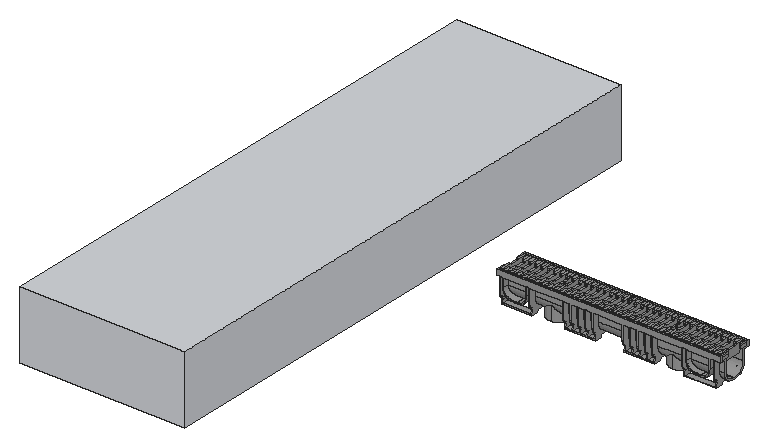
Revit family "Plastic channel Base DN100 with a high board vertical outlet", category Оборудование, Revit 2019 (continued)
Definition of nested family "Plastic grate Base DN100 mesh"
  Automatic sketch dimensions
    plane 1 "По центру (Вперед/Назад)" to Extrusion 21 sketch curve = 7.221 mm  (x2)
    Extrusion 21 sketch curve to Extrusion 21 sketch curve = 11.225 mm  (x2)
    plane 19 to Extrusion 23 sketch curve = 0 mm
    plane 3 "По центру (Влево/Вправо)" to Extrusion 1 sketch curve = 250 mm
    Extrusion 2 sketch curve to plane 3 "По центру (Влево/Вправо)" = 250 mm
    Extrusion 12 sketch curve to level = 0 mm  (x2)
    Extrusion 12 sketch curve to plane 4 = 0 mm
    Extrusion 12 sketch curve to plane 9 = 0 mm
    Extrusion 12 sketch curve to plane 5 = 0 mm
    Extrusion 12 sketch curve to plane 6 = 6.845 mm
    plane 6 to Extrusion 12 sketch curve = 0.367 mm
    Extrusion 12 sketch curve to level = 2.111 mm
    plane 6 to Extrusion 12 sketch curve = 13.155 mm
    Extrusion 12 sketch curve to plane 7 = 13.155 mm
    plane 7 to Extrusion 12 sketch curve = 6.845 mm
    Extrusion 12 sketch curve to plane 8 = 14.5 mm  (x2)
    Extrusion 12 sketch curve to Extrusion 12 sketch curve = 2 mm
    Extrusion 12 sketch curve to plane 7 = 0.367 mm
    Extrusion 11 sketch curve to level = 0 mm  (x2)
    Extrusion 11 sketch curve to plane 4 = 0 mm
    Extrusion 11 sketch curve to plane 9 = 0 mm
    Extrusion 11 sketch curve to plane 5 = 0 mm
    Extrusion 11 sketch curve to plane 6 = 6.845 mm
    plane 6 to Extrusion 11 sketch curve = 0.367 mm
    Extrusion 11 sketch curve to level = 2.111 mm
    plane 6 to Extrusion 11 sketch curve = 13.155 mm
    Extrusion 11 sketch curve to plane 7 = 13.155 mm
    plane 7 to Extrusion 11 sketch curve = 6.845 mm
    Extrusion 11 sketch curve to plane 8 = 14.5 mm  (x2)
    Extrusion 11 sketch curve to Extrusion 11 sketch curve = 2 mm
    Extrusion 11 sketch curve to plane 7 = 0.367 mm
    Extrusion 25 sketch curve to plane 5 = 0 mm
    Extrusion 25 sketch curve to plane 10 = 0 mm  (x2)
    Extrusion 25 sketch curve to plane 4 = 0 mm
    Extrusion 25 sketch curve to plane 6 = 0 mm
    Extrusion 25 sketch curve to plane 11 = 0 mm  (x2)
    Extrusion 25 sketch curve to plane 7 = 0 mm
    radius of Extrusion 21 sketch curve = 7.51 mm
Definition of nested family "Plastic end cap Base DN100"
  Parameters (values of type "630-3")
    Model = "Linear drainage"  # constant formula
    S = 156 mm  # constant formula
    R1 = 49 mm
    Material = none
    L = 5 mm  # constant formula
    Hпос = 5 mm
    H [instance] = 110 mm
    DN = 100 mm  # constant formula
    ADSK_Weight = 0.05  # constant formula
    ADSK_Unit = "pcs"  # constant formula
    ADSK_Product code = "630-3"
    ADSK_Position [instance] = ""
    ADSK_Name = "Plastic end cap for slope 9-14 and standard H200 plastic channel Base DN100"
    ADSK_Material_Name = "Plastic"  # constant formula
    ADSK_Manufacturer = "Vodaland"  # constant formula
    ADSK_Annotation [instance] = ""
  Types (6, lengths in mm): name | R1 | H | ADSK_Product code | ADSK_Name
    630120 | 49 | 110 | "630120" | "Plastic end cap for plastic channel Base DN100 H120"
    630060 | 5 | 100 | "630060" | "Plastic end cap for plastic channel Base DN100 H60"
    630-1 | 25 | 100 | "630-1" | "Plastic end cap for slope 1-3 plastic channel Base DN100"
    630-2 | 49 | 110 | "630-2" | "Plastic end cap for slope 3-9 and standard H100, H150 plastic channel Base DN100"
    630080 | 5 | 100 | "630080" | "Plastic end cap for plastic channel Base DN100 H80"
    630-3 | 49 | 110 | "630-3" | "Plastic end cap for slope 9-14 and standard H200 plastic channel Base DN100"
  Reference planes
    plane 1 "По центру (Вперед/Назад)": y = 0
    plane 2: z = 0
    plane 3 "По центру (Влево/Вправо)": x = 0
    plane 4 "Л": x = 2.5
    plane 5 "П": x = 5
    plane 6: y = -78
    plane 7: y = 78
    plane 8: z = -110
    plane 9: z = -20
    plane 10: z = -85
  Forms (mm)
    Extrusion 1, solid, material <- "Material", detail levels medium+fine
      sketch origin (2.5, 0, 0) x (0, 1, 0) y (0, 0, 1)
        loop
          line (-78, 0) -> (-78, -20) -> (-55, -20) -> (-55, -36)
          arc (-55, -36) -> (-40.648, -70.648) -> (-6, -85) r 49
          line (-6, -85) -> (6, -85)
          arc (6, -85) -> (40.648, -70.648) -> (55, -36) r 49
          line (55, -36) -> (55, -20) -> (78, -20) -> (78, 0) -> (-78, 0)
      from -2.5 to 2.5
  Dimensions and locks
    equal spacing: plane 3 "По центру (Влево/Вправо)", plane 4 "Л", plane 5 "П"
    "S": plane 6 to plane 7
    equal spacing: plane 6, plane 1 "По центру (Вперед/Назад)", plane 7
    locked: Extrusion 1 sketch curve to Extrusion 1 sketch curve at 23
    locked: Extrusion 1 sketch curve to plane 7 at 23
    "L": plane 3 "По центру (Влево/Вправо)" to plane 5 "П"
    "H": plane 2 to plane 8
    locked: plane 2 to plane 9 at 20
    locked: plane 10 to plane 8 at 25
    "R1": radius of Extrusion 1 sketch curve  (x2)
    aligned and locked: level to plane 2
    aligned and locked: Extrusion 1 sketch curve to plane 6
    aligned and locked: Extrusion 1 sketch curve to plane 7
    aligned and locked: Extrusion 1 sketch curve to plane 2
    aligned and locked: Extrusion 1 sketch curve to plane 9
    aligned and locked: plane 9 to Extrusion 1 sketch curve
    aligned and locked: Extrusion 1 to plane 3 "По центру (Влево/Вправо)"
    aligned and locked: plane 5 "П" to Extrusion 1
    aligned and locked: Extrusion 1 sketch curve to plane 10
Definition of nested family "Plastic end cap-adapter Base DN100"
  Parameters (values of type "6307.4")
    Model = "Linear drainage"  # constant formula
    S = 113 mm  # constant formula
    R2 = R1 + 5 mm  # 54 mm
    R1 = 49 mm
    Material = none
    L = 5 mm  # constant formula
    Hпос = 5 mm
    H [instance] = 120 mm
    DN = 100 mm  # constant formula
    ADSK_Weight = 0.015
    ADSK_Unit = "pcs"  # constant formula
    ADSK_Product code = "6307.4"
    ADSK_Position [instance] = ""
    ADSK_Name = "Plastic end cap-adapter for cascade of plastic channel Base DN100 H120-H150"
    ADSK_Material_Name = "Plastic"  # constant formula
    ADSK_Manufacturer = "Vodaland"  # constant formula
    ADSK_Annotation [instance] = ""
  Reference planes
    plane 1 "По центру (Вперед/Назад)": y = 0
    plane 2: z = 0
    plane 3 "По центру (Влево/Вправо)": x = 0
    plane 4 "Л": x = 2.5
    plane 5 "П": x = 5
    plane 6: y = -56.5
    plane 7: y = 56.5
    plane 8: z = -135
    plane 9: z = -45
    plane 10: z = -102
  Forms (mm)
    Extrusion 1, solid, material <- "Material", detail levels medium+fine
      sketch origin (2.5, 0, 0) x (0, 1, 0) y (0, 0, 1)
        loop
          line (-56.5, -45) -> (-56.5, -81)
          arc (-56.5, -81) -> (-40.684, -119.184) -> (-2.5, -135) r 54
          line (-2.5, -135) -> (0, -135) -> (2.5, -135)
          arc (2.5, -135) -> (40.684, -119.184) -> (56.5, -81) r 54
          line (56.5, -81) -> (56.5, -45) -> (52.3, -45) -> (52.3, -53)
          arc (52.3, -53) -> (37.948, -87.648) -> (3.3, -102) r 49
          line (3.3, -102) -> (-3.3, -102)
          arc (-3.3, -102) -> (-37.948, -87.648) -> (-52.3, -53) r 49
          line (-52.3, -53) -> (-52.3, -45) -> (-56.5, -45)
      from -2.5 to 2.5
  Dimensions and locks
    equal spacing: plane 3 "По центру (Влево/Вправо)", plane 4 "Л", plane 5 "П"
    "S": plane 6 to plane 7
    equal spacing: plane 6, plane 1 "По центру (Вперед/Назад)", plane 7
    "L": plane 3 "По центру (Влево/Вправо)" to plane 5 "П"
    locked: plane 10 to plane 8 at 33
    locked: plane 9 to plane 8 at 90
    plane 2 to plane 9 = 45 mm
    "R1": radius of Extrusion 1 sketch curve  (x2)
    "R2": radius of Extrusion 1 sketch curve  (x2)
    aligned and locked: level to plane 2
    aligned and locked: Extrusion 1 sketch curve to plane 9
    aligned and locked: plane 9 to Extrusion 1 sketch curve
    aligned and locked: Extrusion 1 to plane 3 "По центру (Влево/Вправо)"
    aligned and locked: plane 5 "П" to Extrusion 1
    aligned and locked: Extrusion 1 sketch curve to plane 10
    aligned and locked: Extrusion 1 sketch curve to plane 6
    aligned and locked: Extrusion 1 sketch curve to plane 7
  Automatic sketch dimensions
    Extrusion 1 sketch curve to plane 9 = 0 mm
    Extrusion 1 sketch curve to plane 1 "По центру (Вперед/Назад)" = 0 mm
    Extrusion 1 sketch curve to plane 8 = 0 mm
    Extrusion 1 sketch curve to Extrusion 1 sketch curve = 4.2 mm
    plane 1 "По центру (Вперед/Назад)" to Extrusion 1 sketch curve = 3.3 mm
    Extrusion 1 sketch curve to plane 1 "По центру (Вперед/Назад)" = 3.3 mm
Definition of nested family "No"
  Parameters (values of type "ні")
    Видимість решітки праворуч [instance] = yes
    Видимість решітки ліворуч [instance] = yes
    np [instance] = 0 mm
    nm [instance] = 0 mm
    kp [instance] = 0 mm
    km [instance] = 0 mm
    W1 [instance] = 0 mm
    H [instance] = 0 mm
  Reference planes
    plane 1 "По центру (Вперед/Назад)": y = 0
    plane 2: z = 0
    plane 3 "По центру (Влево/Вправо)": x = 0
    plane 4: x = 249
    plane 5: x = -249
  Dimensions and locks
    equal spacing: plane 5, plane 3 "По центру (Влево/Вправо)", plane 4
    plane 5 to plane 4 = 498 mm
    aligned and locked: level to plane 2
Definition of nested family "Sealant"
  Parameters (values of type "Sealant")
    Sealant [instance] = 0
    Model = "Linear drainage"  # constant formula
    ADSK_Weight = 0
    ADSK_Unit = "ml"  # constant formula
    ADSK_Sealant [instance] = 0
    ADSK_Product code = "335145"
    ADSK_Name = "Sealant Vodaland"
    ADSK_Material_Name = ""
    ADSK_Manufacturer = "Vodaland"  # constant formula
    ADSK_Annotation = ""
  Reference planes
    plane 1 "По центру (Вперед/Назад)": y = 0
    plane 2: z = 0
    plane 3 "По центру (Влево/Вправо)": x = 0
    plane 4: y = 68
    plane 5: y = -68
    plane 6: x = 249
    plane 7: x = -249
    plane 8: z = -5
  Dimensions and locks
    equal spacing: plane 7, plane 3 "По центру (Влево/Вправо)", plane 6
    plane 7 to plane 6 = 498 mm
    equal spacing: plane 4, plane 1 "По центру (Вперед/Назад)", plane 5
    plane 4 to plane 5 = 136 mm
    locked: level to plane 8 at 5
    aligned and locked: level to plane 2
Definition of nested family "Fastening"
  Parameters (values of type "6800-35")
    Material = none
    Model = "Linear drainage"  # constant formula
    ADSK_Weight = 0.015  # constant formula
    ADSK_Unit = "pcs"  # constant formula
    ADSK_Product code = "6800-35"
    ADSK_Position = ""
    ADSK_Name = "Plastic fastener for plastic channel DN100 with screw 35mm"
    ADSK_Material_Name = "Plastic"
    ADSK_Manufacturer = "Vodaland"  # constant formula
    ADSK_Annotation = ""
  Types (3, lengths in mm): name | ADSK_Product code | ADSK_Name | ADSK_Material_Name
    6800-35 | "6800-35" | "Plastic fastener for plastic channel DN100 with screw 35mm" | "Plastic"
    6200-35 | "6200-35" | "Stainless steel fastener-staple  for plastic channel Base DN100 with screw 35mm" | "Stainless steel"
    6100-35 | "6100-35" | "Galvanized steel fastener-staple for plastic channel Base DN100 with screw 35mm" | "Galvanized Steel"
  Reference planes
    plane 1 "По центру (Вперед/Назад)": y = 0
    plane 2: z = 0
    plane 3 "По центру (Влево/Вправо)": x = 0
    plane 4: y = 12
    plane 5: y = -12
    plane 6: x = 87
    plane 7: x = -87
    plane 8: z = -50
  Lines and regions (mm)
    model lines, detail levels fine
      curve 1: line (0, -5, 0) -> (0, 5, 0)
      curve 2: line (-5, 0, 0) -> (5, 0, 0)
      curve 3: circle (0, 0, 0) r 5 normal (0, 0, 1)
  Dimensions and locks
    equal spacing: plane 7, plane 3 "По центру (Влево/Вправо)", plane 6
    plane 7 to plane 6 = 174 mm
    equal spacing: plane 4, plane 1 "По центру (Вперед/Назад)", plane 5
    plane 4 to plane 5 = 24 mm
    level to plane 8 = 50 mm
    aligned and locked: level to plane 2
  Automatic sketch dimensions
    plane 1 "По центру (Вперед/Назад)" to curve 2 = 0 mm
    curve 1 to plane 3 "По центру (Влево/Вправо)" = 0 mm
    plane 1 "По центру (Вперед/Назад)" to curve 3 = 0 mm
    curve 3 to plane 3 "По центру (Влево/Вправо)" = 0 mm
    plane 3 "По центру (Влево/Вправо)" to curve 2 = 5 mm
Types in the file's own list only (19): name | bias | R2 | R1 | H2 | H1 | Cap_begin | Cap_end | Отметка по умолчанию | W2 | W1 | CN | ADSK_Weight | ADSK_Sealant | ADSK_Product code | ADSK_Name | ADSK_Dimension_Width | ADSK_Dimension_Lenght | ADSK_Dimension_Height | ADSK_Dimension_Diameter
  80061 | Нет | 5 мм | 5 мм | 35 мм | 35 мм | Plastic end cap Base DN100 : 630060 | Plastic end cap Base DN100 : 630060 | 0 мм | 156 мм | 160 мм | 8050 | 1.2 | 10 | "80061" | "Plastic channel Base DN100 H75 with a high board" | 160 мм | 1000 мм | 75 мм | 100 мм
  80081-1 | Нет | 25 мм | 5 мм | 55 мм | 55 мм | Plastic end cap Base DN100 : 630060 | Plastic end cap Base DN100 : 630-1 | 0 мм | 156 мм | 160 мм | 80080 | 1.4 | 11 | "80081-1" | "Plastic slope channel Base DN100 H95 1 with a high board" | 160 мм | 1000 мм | 95 мм | 100 мм
  80081 | Нет | 25 мм | 25 мм | 55 мм | 55 мм | Plastic end cap Base DN100 : 630080 | Plastic end cap Base DN100 : 630080 | 0 мм | 156 мм | 160 мм | 8010 | 1.2 | 11 | "80081" | "Plastic channel Base DN100 H95 with a high board" | 160 мм | 1000 мм | 95 мм | 100 мм
  80091-2 | Нет | 25 мм | 25 мм | 65 мм | 65 мм | Plastic end cap Base DN100 : 630-1 | Plastic end cap Base DN100 : 630-1 | 0 мм | 156 мм | 160 мм | 80090 | 1.4 | 11 | "80091-2" | "Plastic slope channel Base DN100 H105 2 with a high board" | 160 мм | 1000 мм | 105 мм | 100 мм
  80101-3 | Нет | 49 мм | 25 мм | 75 мм | 75 мм | Plastic end cap Base DN100 : 630-1 | Plastic end cap Base DN100 : 630-2 | 0 мм | 156 мм | 160 мм | 80100 | 1.5 | 12 | "80101-3" | "Plastic slope channel Base DN100 H115 3 with a high board" | 160 мм | 1000 мм | 115 мм | 100 мм
  80101 | Нет | 49 мм | 49 мм | 75 мм | 75 мм | Plastic end cap Base DN100 : 630-1 | Plastic end cap Base DN100 : 630-2 | 0 мм | 156 мм | 160 мм | 80100 | 1.4 | 12 | "80101" | "Plastic channel Base DN100 H115 with a high board" | 160 мм | 1000 мм | 115 мм | 100 мм
  80111-4 | Нет | 49 мм | 49 мм | 85 мм | 85 мм | Plastic end cap Base DN100 : 630-2 | Plastic end cap Base DN100 : 630-2 | 0 мм | 156 мм | 160 мм | 80110 | 1.7 | 12 | "80111-4" | "Plastic slope channel Base DN100 H125 4 with a high board" | 160 мм | 1000 мм | 125 мм | 100 мм
  80121-5 | Нет | 49 мм | 49 мм | 95 мм | 95 мм | Plastic end cap Base DN100 : 630-2 | Plastic end cap Base DN100 : 630-2 | 0 мм | 156 мм | 160 мм | 80120 | 1.8 | 13 | "80121-5" | "Plastic slope channel Base DN100 H135 5 with a high board" | 160 мм | 1000 мм | 135 мм | 100 мм
  80121 | Нет | 49 мм | 49 мм | 95 мм | 95 мм | Plastic end cap Base DN100 : 630120 | Plastic end cap Base DN100 : 630120 | 0 мм | 156 мм | 160 мм | 8020 | 1.8 | 13 | "80121" | "Plastic channel Base DN100 H135 with a high board" | 160 мм | 1000 мм | 135 мм | 100 мм
  80131-6 | Нет | 49 мм | 49 мм | 105 мм | 105 мм | Plastic end cap Base DN100 : 630-2 | Plastic end cap Base DN100 : 630-2 | 0 мм | 156 мм | 160 мм | 80130 | 1.8 | 14 | "80131-6" | "Plastic slope channel Base DN100 H145 6 with a high board" | 160 мм | 1000 мм | 145 мм | 100 мм
  80141-7 | Нет | 49 мм | 49 мм | 115 мм | 115 мм | Plastic end cap Base DN100 : 630-2 | Plastic end cap Base DN100 : 630-2 | 0 мм | 156 мм | 160 мм | 80140 | 1.9 | 14 | "80141-7" | "Plastic slope channel Base DN100 H155 7 with a high board" | 160 мм | 1000 мм | 155 мм | 100 мм
  80151-8 | Нет | 49 мм | 49 мм | 125 мм | 125 мм | Plastic end cap Base DN100 : 630-2 | Plastic end cap Base DN100 : 630-2 | 0 мм | 156 мм | 160 мм | 80150 | 2 | 16 | "80151-8" | "Plastic slope channel Base DN100 H165 8 with a high board" | 160 мм | 1000 мм | 165 мм | 100 мм
  80151 | Нет | 49 мм | 49 мм | 125 мм | 125 мм | Plastic end cap Base DN100 : 630-2 | Plastic end cap Base DN100 : 630-2 | 0 мм | 156 мм | 160 мм | 8000 | 2.1 | 16 | "80151" | "Plastic channel Base DN100 H165 with a high board" | 160 мм | 1000 мм | 165 мм | 100 мм
  80161-9 | Нет | 49 мм | 49 мм | 135 мм | 135 мм | Plastic end cap Base DN100 : 630-2 | Plastic end cap Base DN100 : 630-3 | 0 мм | 156 мм | 160 мм | 80160 | 2.1 | 17 | "80161-9" | "Plastic slope channel Base DN100 H175 9 with a high board" | 160 мм | 1000 мм | 175 мм | 100 мм
  80171-10 | Нет | 49 мм | 49 мм | 145 мм | 145 мм | Plastic end cap Base DN100 : 630-3 | Plastic end cap Base DN100 : 630-3 | 0 мм | 156 мм | 160 мм | 80170 | 2.2 | 18 | "80171-10" | "Plastic slope channel Base DN100 H185 10 with a high board" | 160 мм | 1000 мм | 185 мм | 100 мм
  80181-11 | Нет | 49 мм | 49 мм | 155 мм | 155 мм | Plastic end cap Base DN100 : 630-3 | Plastic end cap Base DN100 : 630-3 | 0 мм | 156 мм | 160 мм | 80180 | 2.3 | 19 | "80181-11" | "Plastic slope channel Base DN100 H195 11 with a high board" | 160 мм | 1000 мм | 195 мм | 100 мм
  80191-12 | Нет | 49 мм | 49 мм | 165 мм | 165 мм | Plastic end cap Base DN100 : 630-3 | Plastic end cap Base DN100 : 630-3 | 0 мм | 156 мм | 160 мм | 80190 | 2.4 | 20 | "80191-12" | "Plastic slope channel Base DN100 H205 12 with a high board" | 160 мм | 1000 мм | 205 мм | 100 мм
  80201-13 | Нет | 49 мм | 49 мм | 175 мм | 175 мм | Plastic end cap Base DN100 : 630-3 | Plastic end cap Base DN100 : 630-3 | 0 мм | 156 мм | 160 мм | 80200 | 2.5 | 21 | "80201-13" | "Plastic slope channel Base DN100 H215 13 with a high board" | 160 мм | 1000 мм | 215 мм | 100 мм
  80201 | Нет | 49 мм | 49 мм | 175 мм | 175 мм | Plastic end cap Base DN100 : 630-3 | Plastic end cap Base DN100 : 630-3 | 0 мм | 156 мм | 160 мм | 80200 | 2.5 | 21 | "80201" | "Plastic channel Base DN100 H215 with a high board" | 160 мм | 1000 мм | 215 мм | 100 мм
